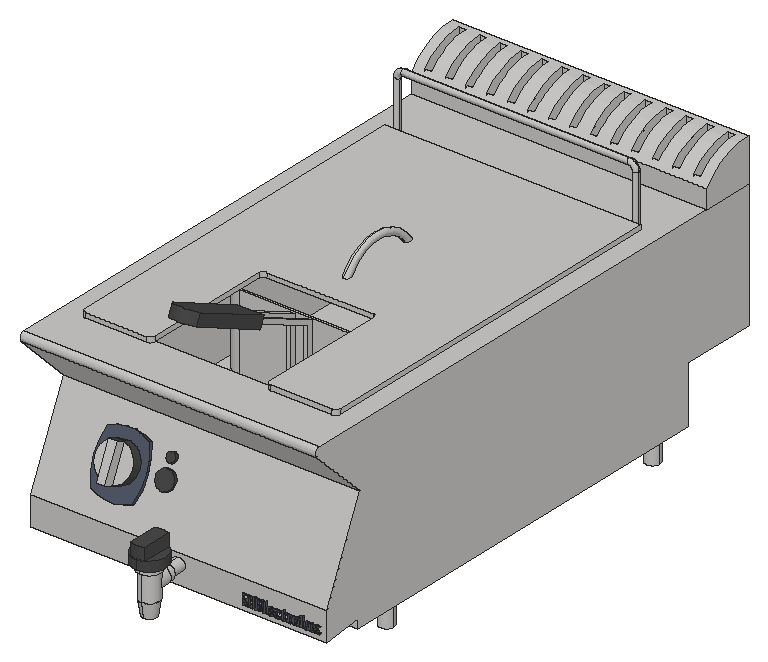
Revit family "QF_ELECTROLUXPROFESSIONAL_371422_E7KKBTAOMCI", category Attrezzature speciali, Revit 2018 (continued)
Automatic sketch dimensions
  Extrusion 36 sketch curve to Extrusion 36 sketch curve = 0.248 mm
  Extrusion 36 sketch curve to Extrusion 36 sketch curve = 0.449 mm
  Extrusion 36 sketch curve to Extrusion 36 sketch curve = 1.052 mm
  Extrusion 36 sketch curve to Extrusion 36 sketch curve = 1.863 mm
  Extrusion 36 sketch curve to Extrusion 36 sketch curve = 1.31 mm  (x2)
  Extrusion 36 sketch curve to Extrusion 36 sketch curve = 0.901 mm
  Extrusion 36 sketch curve to Extrusion 36 sketch curve = 1.107 mm
  Extrusion 36 sketch curve to Extrusion 36 sketch curve = 2.122 mm
  Extrusion 36 sketch curve to Extrusion 36 sketch curve = 2.101 mm
  Extrusion 36 sketch curve to Extrusion 36 sketch curve = 0.106 mm
  Extrusion 36 sketch curve to Extrusion 36 sketch curve = 0.029 mm
  Extrusion 36 sketch curve to Extrusion 36 sketch curve = 2.09 mm
  Extrusion 36 sketch curve to Extrusion 36 sketch curve = 1.279 mm
  Extrusion 36 sketch curve to Extrusion 36 sketch curve = 2.008 mm
  Extrusion 36 sketch curve to Extrusion 36 sketch curve = 0.738 mm
  Extrusion 36 sketch curve to Extrusion 36 sketch curve = 0.382 mm
  Extrusion 36 sketch curve to Extrusion 36 sketch curve = 0.384 mm
  Extrusion 36 sketch curve to Extrusion 36 sketch curve = 0.002 mm
  Extrusion 36 sketch curve to Extrusion 36 sketch curve = 0.561 mm
  Extrusion 36 sketch curve to Extrusion 36 sketch curve = 0.592 mm
  Extrusion 36 sketch curve to Extrusion 36 sketch curve = 2.692 mm
  Extrusion 36 sketch curve to Extrusion 36 sketch curve = 1.259 mm
  Extrusion 36 sketch curve to Extrusion 36 sketch curve = 0.802 mm
  Extrusion 36 sketch curve to Extrusion 36 sketch curve = 1.024 mm  (x2)
  Extrusion 36 sketch curve to Extrusion 36 sketch curve = 0.682 mm
  Extrusion 36 sketch curve to Extrusion 36 sketch curve = 5.934 mm
  Extrusion 36 sketch curve to Extrusion 36 sketch curve = 2.186 mm
  Extrusion 36 sketch curve to Extrusion 36 sketch curve = 0.337 mm
  Extrusion 36 sketch curve to Extrusion 36 sketch curve = 0.021 mm
  Extrusion 36 sketch curve to Extrusion 36 sketch curve = 1.005 mm
  Extrusion 36 sketch curve to Extrusion 36 sketch curve = 0.552 mm
  Extrusion 36 sketch curve to Extrusion 36 sketch curve = 0.778 mm
  Extrusion 36 sketch curve to Extrusion 36 sketch curve = 0.063 mm
  Extrusion 36 sketch curve to Extrusion 36 sketch curve = 1.023 mm
  Extrusion 36 sketch curve to Extrusion 36 sketch curve = 3.804 mm
  Extrusion 36 sketch curve to Extrusion 36 sketch curve = 0.486 mm
  Extrusion 36 sketch curve to Extrusion 36 sketch curve = 0.266 mm
  Extrusion 36 sketch curve to Extrusion 36 sketch curve = 1.547 mm
  Extrusion 36 sketch curve to Extrusion 36 sketch curve = 0.717 mm  (x2)
  Extrusion 36 sketch curve to Extrusion 36 sketch curve = 1.667 mm
  Extrusion 36 sketch curve to Extrusion 36 sketch curve = 3.174 mm
  Extrusion 36 sketch curve to Extrusion 36 sketch curve = 0.388 mm
  Extrusion 36 sketch curve to Extrusion 36 sketch curve = 1.342 mm
  Extrusion 36 sketch curve to plane 4 "RIGHT" = 10.974 mm
  Extrusion 36 sketch curve to Extrusion 36 sketch curve = 1.521 mm
  Extrusion 36 sketch curve to plane 4 "RIGHT" = 9.415 mm
  Extrusion 36 sketch curve to Extrusion 36 sketch curve = 0.124 mm
  Extrusion 36 sketch curve to Extrusion 36 sketch curve = 0.291 mm
  Extrusion 36 sketch curve to Extrusion 36 sketch curve = 1.049 mm  (x2)
  Extrusion 36 sketch curve to Extrusion 36 sketch curve = 1.7 mm
  Extrusion 36 sketch curve to Extrusion 36 sketch curve = 0.894 mm
  Extrusion 36 sketch curve to Extrusion 36 sketch curve = 0.989 mm
  Extrusion 36 sketch curve to Extrusion 36 sketch curve = 1.168 mm
  Extrusion 36 sketch curve to Extrusion 36 sketch curve = 1.594 mm
  Extrusion 36 sketch curve to Extrusion 36 sketch curve = 0.731 mm
  Extrusion 36 sketch curve to Extrusion 36 sketch curve = 1.566 mm
  Extrusion 36 sketch curve to Extrusion 36 sketch curve = 0.064 mm
  Extrusion 36 sketch curve to Extrusion 36 sketch curve = 0.556 mm  (x2)
  Extrusion 36 sketch curve to Extrusion 36 sketch curve = 0.48 mm
  Extrusion 36 sketch curve to Extrusion 36 sketch curve = 1.018 mm
  Extrusion 36 sketch curve to Extrusion 36 sketch curve = 0.787 mm
  Extrusion 36 sketch curve to Extrusion 36 sketch curve = 0.618 mm
  Extrusion 36 sketch curve to Extrusion 36 sketch curve = 1.672 mm
  Extrusion 36 sketch curve to plane 4 "RIGHT" = 7.673 mm
  Extrusion 36 sketch curve to Extrusion 36 sketch curve = 1.361 mm
  Extrusion 36 sketch curve to Extrusion 36 sketch curve = 0.822 mm
  Extrusion 36 sketch curve to Extrusion 36 sketch curve = 0.069 mm
  Extrusion 36 sketch curve to Extrusion 36 sketch curve = 1.88 mm
  Extrusion 36 sketch curve to Extrusion 36 sketch curve = 0.42 mm
  Extrusion 36 sketch curve to Extrusion 36 sketch curve = 0.062 mm
  Extrusion 36 sketch curve to Extrusion 36 sketch curve = 1.355 mm
  Extrusion 36 sketch curve to Extrusion 36 sketch curve = 2.34 mm
  Extrusion 36 sketch curve to Extrusion 36 sketch curve = 0.493 mm
  Extrusion 36 sketch curve to Extrusion 36 sketch curve = 0.136 mm
  Extrusion 36 sketch curve to Extrusion 36 sketch curve = 0.128 mm
  Extrusion 36 sketch curve to Extrusion 36 sketch curve = 3.616 mm
  Extrusion 36 sketch curve to Extrusion 36 sketch curve = 4.207 mm
  Extrusion 36 sketch curve to Extrusion 36 sketch curve = 0.183 mm
  Extrusion 36 sketch curve to Extrusion 36 sketch curve = 0.895 mm
  Extrusion 36 sketch curve to Extrusion 36 sketch curve = 1.314 mm
  Extrusion 36 sketch curve to Extrusion 36 sketch curve = 3.231 mm
  Extrusion 36 sketch curve to Extrusion 36 sketch curve = 1.299 mm
  Extrusion 36 sketch curve to Extrusion 36 sketch curve = 1.214 mm
  Extrusion 36 sketch curve to Extrusion 36 sketch curve = 1.264 mm
  Extrusion 36 sketch curve to Extrusion 36 sketch curve = 0.109 mm
  Extrusion 36 sketch curve to Extrusion 36 sketch curve = 0.357 mm
  Extrusion 36 sketch curve to Extrusion 36 sketch curve = 0.565 mm
  Extrusion 36 sketch curve to Extrusion 36 sketch curve = 2.504 mm
  Extrusion 36 sketch curve to Extrusion 36 sketch curve = 2.459 mm
  Extrusion 36 sketch curve to Extrusion 36 sketch curve = 0.983 mm
  Extrusion 36 sketch curve to Extrusion 36 sketch curve = 0.422 mm  (x2)
  Extrusion 36 sketch curve to Extrusion 36 sketch curve = 0.494 mm
  Extrusion 36 sketch curve to Extrusion 36 sketch curve = 3.927 mm
  Extrusion 36 sketch curve to Extrusion 36 sketch curve = 0.782 mm
  Extrusion 36 sketch curve to Extrusion 36 sketch curve = 1.268 mm
  Extrusion 36 sketch curve to Extrusion 36 sketch curve = 0.671 mm
  Extrusion 36 sketch curve to Extrusion 36 sketch curve = 0.777 mm
  Extrusion 36 sketch curve to Extrusion 36 sketch curve = 0.704 mm
  Extrusion 36 sketch curve to Extrusion 36 sketch curve = 0.781 mm  (x2)
  Extrusion 36 sketch curve to Extrusion 36 sketch curve = 1.634 mm
  Extrusion 36 sketch curve to Extrusion 36 sketch curve = 0.132 mm
  Extrusion 36 sketch curve to Extrusion 36 sketch curve = 3.136 mm
  Extrusion 36 sketch curve to Extrusion 36 sketch curve = 2.422 mm
  Extrusion 36 sketch curve to Extrusion 36 sketch curve = 0.586 mm
  Extrusion 36 sketch curve to Extrusion 36 sketch curve = 2.046 mm  (x2)
  Extrusion 36 sketch curve to Extrusion 36 sketch curve = 1.241 mm
  Extrusion 36 sketch curve to Extrusion 36 sketch curve = 1.689 mm
  Extrusion 36 sketch curve to Extrusion 36 sketch curve = 2.859 mm
  Extrusion 36 sketch curve to Extrusion 36 sketch curve = 0.627 mm
  Extrusion 36 sketch curve to Extrusion 36 sketch curve = 0.863 mm
  Extrusion 36 sketch curve to Extrusion 36 sketch curve = 0.419 mm
  Extrusion 36 sketch curve to Extrusion 36 sketch curve = 1.514 mm
  Extrusion 36 sketch curve to Extrusion 36 sketch curve = 1.019 mm
  Extrusion 36 sketch curve to Extrusion 36 sketch curve = 0.065 mm
  Extrusion 36 sketch curve to Extrusion 36 sketch curve = 1.215 mm
  Extrusion 36 sketch curve to Extrusion 36 sketch curve = 2.708 mm
  Extrusion 36 sketch curve to Extrusion 36 sketch curve = 1.122 mm
  Extrusion 36 sketch curve to Extrusion 36 sketch curve = 1.153 mm
  Extrusion 36 sketch curve to Extrusion 36 sketch curve = 3.009 mm
  Extrusion 36 sketch curve to Extrusion 36 sketch curve = 0.829 mm  (x2)
  Extrusion 36 sketch curve to Extrusion 36 sketch curve = 0.934 mm
  Extrusion 36 sketch curve to Extrusion 36 sketch curve = 3.376 mm
  Extrusion 36 sketch curve to Extrusion 36 sketch curve = 0.222 mm
  Extrusion 36 sketch curve to Extrusion 36 sketch curve = 1.383 mm
  Extrusion 36 sketch curve to Extrusion 36 sketch curve = 1.556 mm
  Extrusion 36 sketch curve to Extrusion 36 sketch curve = 2.559 mm
  Extrusion 36 sketch curve to Extrusion 36 sketch curve = 2.51 mm
  Extrusion 36 sketch curve to Extrusion 36 sketch curve = 0.131 mm
  Extrusion 36 sketch curve to Extrusion 36 sketch curve = 1.717 mm
  Extrusion 36 sketch curve to Extrusion 36 sketch curve = 1.134 mm
  Extrusion 36 sketch curve to Extrusion 36 sketch curve = 0.366 mm
  Extrusion 36 sketch curve to Extrusion 36 sketch curve = 0.094 mm
  Extrusion 36 sketch curve to Extrusion 36 sketch curve = 1.584 mm
  Extrusion 36 sketch curve to Extrusion 36 sketch curve = 1.501 mm
  Extrusion 36 sketch curve to Extrusion 36 sketch curve = 0.27 mm
  Extrusion 36 sketch curve to Extrusion 36 sketch curve = 1.808 mm
  Extrusion 36 sketch curve to Extrusion 36 sketch curve = 0.643 mm
  Extrusion 36 sketch curve to Extrusion 36 sketch curve = 0.916 mm
  Extrusion 36 sketch curve to Extrusion 36 sketch curve = 0.352 mm
  Extrusion 36 sketch curve to Extrusion 36 sketch curve = 0.458 mm
  Extrusion 36 sketch curve to Extrusion 36 sketch curve = 1.282 mm
  Extrusion 36 sketch curve to Extrusion 36 sketch curve = 1.363 mm
  Extrusion 36 sketch curve to Extrusion 36 sketch curve = 0.685 mm
  Extrusion 36 sketch curve to Extrusion 36 sketch curve = 0.905 mm
  Extrusion 36 sketch curve to Extrusion 36 sketch curve = 2.865 mm
  Extrusion 36 sketch curve to Extrusion 36 sketch curve = 0.472 mm
  Extrusion 36 sketch curve to Extrusion 36 sketch curve = 0.101 mm
  Extrusion 36 sketch curve to Extrusion 36 sketch curve = 0.54 mm
  Extrusion 36 sketch curve to Extrusion 36 sketch curve = 0.02 mm
  Extrusion 36 sketch curve to Extrusion 36 sketch curve = 0.468 mm
  Extrusion 36 sketch curve to Extrusion 36 sketch curve = 0.582 mm
  Extrusion 36 sketch curve to Extrusion 36 sketch curve = 0.166 mm
  Extrusion 36 sketch curve to Extrusion 36 sketch curve = 0.16 mm
  Extrusion 36 sketch curve to Extrusion 36 sketch curve = 2.781 mm
  Extrusion 36 sketch curve to Extrusion 36 sketch curve = 1.118 mm
  Extrusion 36 sketch curve to Extrusion 36 sketch curve = 0.613 mm
  Extrusion 36 sketch curve to Extrusion 36 sketch curve = 0.361 mm
  Extrusion 36 sketch curve to Extrusion 36 sketch curve = 0.897 mm
  Extrusion 36 sketch curve to Extrusion 36 sketch curve = 0.167 mm
  Extrusion 36 sketch curve to Extrusion 36 sketch curve = 0.292 mm
  Extrusion 36 sketch curve to Extrusion 36 sketch curve = 0.305 mm
  Extrusion 36 sketch curve to Extrusion 36 sketch curve = 1.557 mm
  Extrusion 36 sketch curve to Extrusion 36 sketch curve = 2.499 mm
  Extrusion 36 sketch curve to Extrusion 36 sketch curve = 3.062 mm
  Extrusion 36 sketch curve to Extrusion 36 sketch curve = 2.968 mm
  Extrusion 36 sketch curve to Extrusion 36 sketch curve = 5.044 mm
  Extrusion 36 sketch curve to Extrusion 36 sketch curve = 0.629 mm  (x2)
  Extrusion 36 sketch curve to Extrusion 36 sketch curve = 1.131 mm
  Extrusion 36 sketch curve to Extrusion 36 sketch curve = 0.137 mm
  Extrusion 36 sketch curve to Extrusion 36 sketch curve = 0.027 mm
  Extrusion 36 sketch curve to Extrusion 36 sketch curve = 2.235 mm
  radius of Sweep 5 sketch curve = 4.353 mm
  radius of Sweep 6 sketch curve = 3.827 mm
  radius of Extrusion 21 sketch curve = 9.525 mm  (x4)
  radius of Extrusion 23 sketch curve = 25.4 mm
  radius of Extrusion 24 sketch curve to Extrusion 23 = 0 mm  (x2)
  radius of Extrusion 25 sketch curve = 6.35 mm
  radius of Extrusion 26 sketch curve = 12.7 mm
  radius of Extrusion 29 sketch curve to Revolve 27 = 0 mm  (x2)
  radius of Extrusion 30 sketch curve = 6.35 mm
Connectors
  piping at (336.5, -88.9, 59.306), diameter 12.7
    settings: on Extrusion 30, index 1, connector inside diameter 1/2", connector length 0 mm, flow factor 0, pipe flow 0 GPM, pressure drop 0.00 psi, fitting loss kfactor 0, connector angle 0.00°, fixture units 0, engagement length 0 mm, angle of deflection 0.00°, flow configuration 1, flow direction 1, fitting loss method 0, system type 7, joint type 0, gender type 0, connector reference index -1, connector utility 0, adjustable connector no, is connector primary yes, connector description "Gas Inlet"
Types (2, lengths in mm): name | URL | Modello | Produttore | Gas Size | Descrizione
  (no name) | "www.electrolux.com/foodservice" | "371066" | "ELECTROLUX" | 0" | "700XP One 7 Lt. Well Gas Fryer Top - LPG/Natural Gas"
  Standard | "https://www.electroluxprofessional.com/" | "E7KKBTAOMCI" | "Electrolux Professional" | 1/2" | "7 LITRE GAS FRYER TOP 400MM - QMARK"
